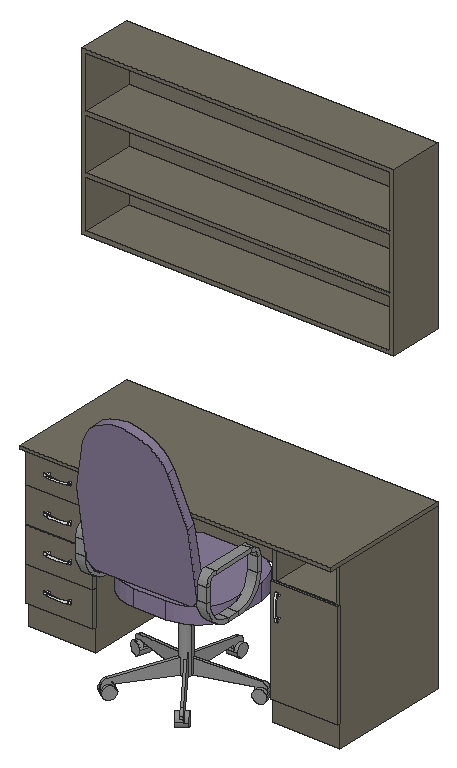
Revit family "Компьютерный стол", category Мебель, Revit 2019
Family settings
  Номер OmniClass = 23.40.20.00
  Заголовок OmniClass = General Furniture and Specialties
  На основе рабочей плоскости = Нет
  Всегда вертикально = Да
  При загрузке вырезать с полостями = Нет
  Общий = Нет
  Точка расчета площади = Нет
Parameters
  Глубина верхних полок [instance] = 250 mm
  Ящики справа и слева [instance] = yes
  Ящики слева [instance] = no
  Ширина ящиков справа [instance] = 300.042 mm
  Ширина ящиков слева [instance] = 300 mm
  Ширина [instance] = 1400 mm
  Ящики справа [instance] = no
  Полочки сверху 3шт [instance] = yes
  Полочки сверху 2шт [instance] = no
  Полочки сверху 1шт [instance] = no
  Материал кресло для комп. стола спинка и сиденье = Материал кресло для комп. стола спинка и сиденье
  Материал компьютерный стол ручки = Материал компьютерный стол ручки
  Материал кресло для комп. стола пластик = Материал кресло для комп. стола пластик
  Материал компьютерный стол корпус = Материал компьютерный стол корпус
  Изготовитель = "Литвинчук Артур"
  Глубина [instance] = 600 mm
  Высота верхних полок [instance] = 250 mm
  Высота от стола к полочкам [instance] = 700 mm
  Высота [instance] = 750 mm
  URL = "lytvynchukartur@gmail.com"
  2 боковых стенки [instance] = no
Reference planes
  plane 1 "По центру (Вперед/Назад)": y = 0
  plane 2: z = 0
  plane 3 "По центру (Влево/Вправо)": x = 0
  plane 4: y = -600
  plane 5: x = 1400
  plane 6: z = 750
  plane 7: z = 735
  plane 8 "По центру Л/Р": x = 300
  plane 9: x = 1099.958
  plane 10: y = -550
  plane 11: y = -565
  plane 12: z = 100
  plane 13: z = 258.75
  plane 14: z = 417.5
  plane 15: z = 576.25
  plane 16: z = 257.75
  plane 17: z = 259.75
  plane 18: z = 416.5
  plane 19: z = 418.5
  plane 20: z = 575.25
  plane 21: z = 577.25
  plane 22: z = 734
  plane 23: x = 1114.958
  plane 24: x = 1385
  plane 25: y = -15
  plane 26: z = 655.625
  plane 27: z = 496.875
  plane 28: z = 338.125
  plane 29: z = 178.875
  plane 30 "По центру Л/С": x = 150
  plane 31 "По центру Л/Т": x = 15
  plane 32: z = 1450
  plane 33: z = 1700
  plane 34: z = 1465
  plane 35: z = 1685
  plane 36: y = -250
  plane 37: y = -5
  plane 38: z = 1950
  plane 39: z = 1935
  plane 40: z = 2200
  plane 41: z = 2185
  plane 42 "По центру Л/Ф": x = 699.979
  plane 43 "По центру Л/Х": x = 850
  plane 44 "По центру Л/Ц": x = 549.979
Forms (mm)
  Extrusion 1, solid, material "Материал компьютерный стол корпус" <- "Материал компьютерный стол корпус"
    sketch origin (0, 0, 0) x (1, 0, 0) y (0, 1, 0)
      loop
        line (0, 0) -> (0, -600) -> (1400, -600) -> (1400, 0) -> (0, 0)
    from 735 to 750
  Extrusion 2, solid, material "Материал компьютерный стол корпус" <- "Материал компьютерный стол корпус", visible <- "Ящики слева"
    sketch origin (0, 0, 0) x (1, 0, 0) y (0, 1, 0)
      loop
        line (0, 0) -> (0, -550) -> (300, -550) -> (300, 0) -> (0, 0)
    from 0 to 735
  Extrusion 3, solid, material "Материал компьютерный стол корпус" <- "Материал компьютерный стол корпус", visible <- "Ящики слева"
    sketch origin (0, 0, 0) x (1, 0, 0) y (0, 0, 1)
      loop
        line (0, 257.75) -> (0, 100) -> (300, 100) -> (300, 257.75) -> (0, 257.75)
    from 550 to 565
  Extrusion 4, solid, material "Материал компьютерный стол корпус" <- "Материал компьютерный стол корпус", visible <- "Ящики слева"
    sketch origin (0, 0, 159.75) x (1, 0, 0) y (0, 0, 1)
      loop
        line (0, 256.75) -> (0, 100) -> (300, 100) -> (300, 256.75) -> (0, 256.75)
    from 550 to 565
  Extrusion 5, solid, material "Материал компьютерный стол корпус" <- "Материал компьютерный стол корпус", visible <- "Ящики слева"
    sketch origin (0, 0, 334.75) x (1, 0, 0) y (0, 0, 1)
      loop
        line (0, 240.5) -> (0, 83.75) -> (300, 83.75) -> (300, 240.5) -> (0, 240.5)
    from 550 to 565
  Extrusion 6, solid, material "Материал компьютерный стол корпус" <- "Материал компьютерный стол корпус", visible <- "Ящики слева"
    sketch origin (0, 0, 494.75) x (1, 0, 0) y (0, 0, 1)
      loop
        line (0, 239.25) -> (0, 82.5) -> (300, 82.5) -> (300, 239.25) -> (0, 239.25)
    from 550 to 565
  Extrusion 7, solid, material "Материал компьютерный стол корпус" <- "Материал компьютерный стол корпус", visible <- "Ящики справа"
    sketch origin (0, 0, 0) x (1, 0, 0) y (0, 0, 1)
      loop
        line (1099.958, 735) -> (1099.958, 0) -> (1400, 0) -> (1400, 735) -> (1385, 735) -> (1385, 576.25) -> (1114.958, 576.25) -> (1114.958, 735) -> (1099.958, 735)
    from 0 to 550
  Extrusion 8, solid, material "Материал компьютерный стол корпус" <- "Материал компьютерный стол корпус", visible <- "Ящики справа"
    sketch origin (1060, 0, 334.75) x (1, 0, 0) y (0, 0, 1)
      loop
        line (39.958, 240.5) -> (39.958, -234.75) -> (340, -234.75) -> (340, 240.5) -> (39.958, 240.5)
    from 550 to 565
  Extrusion 9, solid, material "Материал компьютерный стол корпус" <- "Материал компьютерный стол корпус", visible <- "Ящики слева"
    sketch origin (0, 0, 0) x (1, 0, 0) y (0, 0, 1)
      loop
        line (300, 734) -> (300, 258.75) -> (1385, 258.75) -> (1385, 734) -> (300, 734)
    from 0 to 15
  Extrusion 10, solid, material "Материал компьютерный стол ручки" <- "Материал компьютерный стол ручки", visible <- "Ящики слева", not visible
    sketch origin (295, 155.129, 0) x (1, 0, 0) y (0, 1, 0)
      loop
        line (80.389, -730.129) -> (80.389, -732.129)
        arc (80.389, -732.129) -> (140.389, -742.129) -> (200.389, -732.129) r 185
        line (200.389, -732.129) -> (200.389, -730.129)
        arc (200.389, -730.129) -> (195.411, -731.757) -> (190.389, -733.244) r 185
        line (190.389, -733.244) -> (190.389, -720.129) -> (185.389, -720.129) -> (185.389, -734.572)
        arc (185.389, -734.572) -> (140.389, -740.129) -> (95.389, -734.572) r 185
        line (95.389, -734.572) -> (95.389, -720.129) -> (90.389, -720.129) -> (90.389, -733.244)
        arc (90.389, -733.244) -> (85.367, -731.757) -> (80.389, -730.129) r 185
    from 173.875 to 183.875
  Extrusion 11, solid, material "Материал компьютерный стол ручки" <- "Материал компьютерный стол ручки", visible <- "Ящики слева"
    sketch origin (9.611, 155.129, 159.25) x (1, 0, 0) y (0, 1, 0)
      loop
        line (80.389, -730.129) -> (80.389, -732.129)
        arc (80.389, -732.129) -> (140.389, -742.129) -> (200.389, -732.129) r 185
        line (200.389, -732.129) -> (200.389, -730.129)
        arc (200.389, -730.129) -> (195.411, -731.757) -> (190.389, -733.244) r 185
        line (190.389, -733.244) -> (190.389, -720.129) -> (185.389, -720.129) -> (185.389, -734.572)
        arc (185.389, -734.572) -> (140.389, -740.129) -> (95.389, -734.572) r 185
        line (95.389, -734.572) -> (95.389, -720.129) -> (90.389, -720.129) -> (90.389, -733.244)
        arc (90.389, -733.244) -> (85.367, -731.757) -> (80.389, -730.129) r 185
    from 173.875 to 183.875
  Extrusion 12, solid, material "Материал компьютерный стол ручки" <- "Материал компьютерный стол ручки", visible <- "Ящики слева"
    sketch origin (9.611, 155.129, 0) x (1, 0, 0) y (0, 1, 0)
      loop
        line (80.389, -730.129) -> (80.389, -732.129)
        arc (80.389, -732.129) -> (140.389, -742.129) -> (200.389, -732.129) r 185
        line (200.389, -732.129) -> (200.389, -730.129)
        arc (200.389, -730.129) -> (195.411, -731.757) -> (190.389, -733.244) r 185
        line (190.389, -733.244) -> (190.389, -720.129) -> (185.389, -720.129) -> (185.389, -734.572)
        arc (185.389, -734.572) -> (140.389, -740.129) -> (95.389, -734.572) r 185
        line (95.389, -734.572) -> (95.389, -720.129) -> (90.389, -720.129) -> (90.389, -733.244)
        arc (90.389, -733.244) -> (85.367, -731.757) -> (80.389, -730.129) r 185
    from 173.875 to 183.875
  Extrusion 13, solid, material "Материал компьютерный стол ручки" <- "Материал компьютерный стол ручки", visible <- "Ящики слева"
    sketch origin (9.611, 155.129, 318) x (1, 0, 0) y (0, 1, 0)
      loop
        line (80.389, -730.129) -> (80.389, -732.129)
        arc (80.389, -732.129) -> (140.389, -742.129) -> (200.389, -732.129) r 185
        line (200.389, -732.129) -> (200.389, -730.129)
        arc (200.389, -730.129) -> (195.411, -731.757) -> (190.389, -733.244) r 185
        line (190.389, -733.244) -> (190.389, -720.129) -> (185.389, -720.129) -> (185.389, -734.572)
        arc (185.389, -734.572) -> (140.389, -740.129) -> (95.389, -734.572) r 185
        line (95.389, -734.572) -> (95.389, -720.129) -> (90.389, -720.129) -> (90.389, -733.244)
        arc (90.389, -733.244) -> (85.367, -731.757) -> (80.389, -730.129) r 185
    from 173.875 to 183.875
  Extrusion 14, solid, material "Материал компьютерный стол ручки" <- "Материал компьютерный стол ручки", visible <- "Ящики слева"
    sketch origin (9.611, 155.129, 476.75) x (1, 0, 0) y (0, 1, 0)
      loop
        line (80.389, -730.129) -> (80.389, -732.129)
        arc (80.389, -732.129) -> (140.389, -742.129) -> (200.389, -732.129) r 185
        line (200.389, -732.129) -> (200.389, -730.129)
        arc (200.389, -730.129) -> (195.411, -731.757) -> (190.389, -733.244) r 185
        line (190.389, -733.244) -> (190.389, -720.129) -> (185.389, -720.129) -> (185.389, -734.572)
        arc (185.389, -734.572) -> (140.389, -740.129) -> (95.389, -734.572) r 185
        line (95.389, -734.572) -> (95.389, -720.129) -> (90.389, -720.129) -> (90.389, -733.244)
        arc (90.389, -733.244) -> (85.367, -731.757) -> (80.389, -730.129) r 185
    from 173.875 to 183.875
  Extrusion 15, solid, material "Материал компьютерный стол ручки" <- "Материал компьютерный стол ручки", visible <- "Ящики справа"
    sketch origin (956.083, 155.129, 625.639) x (0, 0, -1) y (0, 1, 0)
      loop
        line (80.389, -730.129) -> (80.389, -732.129)
        arc (80.389, -732.129) -> (140.389, -742.129) -> (200.389, -732.129) r 185
        line (200.389, -732.129) -> (200.389, -730.129)
        arc (200.389, -730.129) -> (195.411, -731.757) -> (190.389, -733.244) r 185
        line (190.389, -733.244) -> (190.389, -720.129) -> (185.389, -720.129) -> (185.389, -734.572)
        arc (185.389, -734.572) -> (140.389, -740.129) -> (95.389, -734.572) r 185
        line (95.389, -734.572) -> (95.389, -720.129) -> (90.389, -720.129) -> (90.389, -733.244)
        arc (90.389, -733.244) -> (85.367, -731.757) -> (80.389, -730.129) r 185
    from 173.875 to 183.875
  Extrusion 16, solid, material "Материал компьютерный стол корпус" <- "Материал компьютерный стол корпус", visible <- "Ящики справа"
    sketch origin (0, 0, 0) x (1, 0, 0) y (0, 0, 1)
      loop
        line (1114.958, 735) -> (1114.958, 576.25) -> (1385, 576.25) -> (1385, 735) -> (1114.958, 735)
    from 0 to 15
  Extrusion 17, solid, material "Материал компьютерный стол корпус" <- "Материал компьютерный стол корпус", visible <- "Ящики слева"
    sketch origin (80, 0, 0) x (1, 0, 0) y (0, 0, 1)
      loop
        line (1305, 0) -> (1320, 0) -> (1320, 735) -> (1305, 735) -> (1305, 0)
    from 0 to 550
  Extrusion 18, solid, material "Материал компьютерный стол корпус" <- "Материал компьютерный стол корпус", visible <- "Ящики справа"
    sketch origin (-1520, 0, 0) x (1, 0, 0) y (0, 0, 1)
      loop
        line (1520, 0) -> (1535, 0) -> (1535, 735) -> (1520, 735) -> (1520, 0)
    from 0 to 550
  Extrusion 19, solid, material "Материал компьютерный стол корпус" <- "Материал компьютерный стол корпус", visible <- "Ящики справа"
    sketch origin (-60, 0, 0) x (1, 0, 0) y (0, 0, 1)
      loop
        line (75, 735) -> (75, 258.75) -> (1159.958, 258.75) -> (1159.958, 735) -> (75, 735)
    from 0 to 15
  Extrusion 20, solid, material "Материал компьютерный стол ручки" <- "Материал компьютерный стол ручки", visible <- "Ящики справа", not visible
    sketch origin (956.083, 155.129, 625.639) x (0, 0, -1) y (0, 1, 0)
      loop
        line (80.389, -730.129) -> (80.389, -732.129)
        arc (80.389, -732.129) -> (140.389, -742.129) -> (200.389, -732.129) r 185
        line (200.389, -732.129) -> (200.389, -730.129)
        arc (200.389, -730.129) -> (195.411, -731.757) -> (190.389, -733.244) r 185
        line (190.389, -733.244) -> (190.389, -720.129) -> (185.389, -720.129) -> (185.389, -734.572)
        arc (185.389, -734.572) -> (140.389, -740.129) -> (95.389, -734.572) r 185
        line (95.389, -734.572) -> (95.389, -720.129) -> (90.389, -720.129) -> (90.389, -733.244)
        arc (90.389, -733.244) -> (85.367, -731.757) -> (80.389, -730.129) r 185
    from 173.875 to 183.875
  Extrusion 21, solid, material "Материал компьютерный стол корпус" <- "Материал компьютерный стол корпус", visible <- "Полочки сверху 1шт"
    sketch origin (0, 0, 0) x (1, 0, 0) y (0, 0, 1)
      loop
        line (15, 1685) -> (15, 1465) -> (1385, 1465) -> (1385, 1685) -> (15, 1685)
      loop
        line (0, 1700) -> (0, 1450) -> (1400, 1450) -> (1400, 1700) -> (0, 1700)
    from 0 to 250
  Extrusion 22, solid, material "Материал компьютерный стол корпус" <- "Материал компьютерный стол корпус", visible <- "Полочки сверху 1шт"
    sketch origin (0, 0, 0) x (1, 0, 0) y (0, 0, 1)
      loop
        line (15, 1685) -> (15, 1465) -> (1385, 1465) -> (1385, 1685) -> (15, 1685)
    from 0 to 5
  Extrusion 23, solid, material "Материал компьютерный стол корпус" <- "Материал компьютерный стол корпус", visible <- "Полочки сверху 2шт"
    sketch origin (1800, 0, 0) x (1, 0, 0) y (0, 0, 1)
      loop
        line (-1785, 1685) -> (-1785, 1465) -> (-415, 1465) -> (-415, 1685) -> (-1785, 1685)
      loop
        line (-1785, 1935) -> (-1785, 1700) -> (-415, 1700) -> (-415, 1935) -> (-1785, 1935)
      loop
        line (-1800, 1950) -> (-1800, 1450) -> (-400, 1450) -> (-400, 1950) -> (-1800, 1950)
    from 0 to 250
  Extrusion 24, solid, material "Материал компьютерный стол корпус" <- "Материал компьютерный стол корпус", visible <- "Полочки сверху 2шт"
    sketch origin (1800, 0, 0) x (1, 0, 0) y (0, 0, 1)
      loop
        line (-1785, 1465) -> (-415, 1465) -> (-415, 1685) -> (-1785, 1685) -> (-1785, 1465)
      loop
        line (-1785, 1700) -> (-415, 1700) -> (-415, 1935) -> (-1785, 1935) -> (-1785, 1700)
    from 0 to 5
  Extrusion 25, solid, material "Материал компьютерный стол корпус" <- "Материал компьютерный стол корпус", visible <- "Полочки сверху 3шт"
    sketch origin (3480, 0, 0) x (1, 0, 0) y (0, 0, 1)
      loop
        line (-3480, 2200) -> (-3480, 1450) -> (-2080, 1450) -> (-2080, 2200) -> (-3480, 2200)
      loop
        line (-3465, 1685) -> (-3465, 1465) -> (-2095, 1465) -> (-2095, 1685) -> (-3465, 1685)
      loop
        line (-3465, 1935) -> (-3465, 1700) -> (-2095, 1700) -> (-2095, 1935) -> (-3465, 1935)
      loop
        line (-3465, 2185) -> (-3465, 1950) -> (-2095, 1950) -> (-2095, 2185) -> (-3465, 2185)
    from 0 to 250
  Extrusion 26, solid, material "Материал компьютерный стол корпус" <- "Материал компьютерный стол корпус", visible <- "Полочки сверху 3шт"
    sketch origin (3480, 0, 0) x (1, 0, 0) y (0, 0, 1)
      loop
        line (-3465, 1465) -> (-2095, 1465) -> (-2095, 1685) -> (-3465, 1685) -> (-3465, 1465)
      loop
        line (-3465, 1700) -> (-2095, 1700) -> (-2095, 1935) -> (-3465, 1935) -> (-3465, 1700)
      loop
        line (-3465, 1950) -> (-2095, 1950) -> (-2095, 2185) -> (-3465, 2185) -> (-3465, 1950)
    from 0 to 5
  Extrusion 27, solid, material "Материал компьютерный стол корпус" <- "Материал компьютерный стол корпус", visible <- "Ящики справа и слева"
    sketch origin (0, 0, 0) x (1, 0, 0) y (0, 1, 0)
      loop
        line (0, 0) -> (0, -550) -> (300, -550) -> (300, 0) -> (0, 0)
    from 0 to 735
  Extrusion 28, solid, material "Материал компьютерный стол корпус" <- "Материал компьютерный стол корпус", visible <- "Ящики справа и слева"
    sketch origin (0, 0, 0) x (1, 0, 0) y (0, 0, 1)
      loop
        line (0, 257.75) -> (0, 100) -> (300, 100) -> (300, 257.75) -> (0, 257.75)
    from 550 to 565
  Extrusion 29, solid, material "Материал компьютерный стол корпус" <- "Материал компьютерный стол корпус", visible <- "Ящики справа и слева"
    sketch origin (0, 0, 159.75) x (1, 0, 0) y (0, 0, 1)
      loop
        line (0, 256.75) -> (0, 100) -> (300, 100) -> (300, 256.75) -> (0, 256.75)
    from 550 to 565
  Extrusion 30, solid, material "Материал компьютерный стол корпус" <- "Материал компьютерный стол корпус", visible <- "Ящики справа и слева"
    sketch origin (0, 0, 334.75) x (1, 0, 0) y (0, 0, 1)
      loop
        line (0, 240.5) -> (0, 83.75) -> (300, 83.75) -> (300, 240.5) -> (0, 240.5)
    from 550 to 565
  Extrusion 31, solid, material "Материал компьютерный стол корпус" <- "Материал компьютерный стол корпус", visible <- "Ящики справа и слева"
    sketch origin (0, 0, 494.75) x (1, 0, 0) y (0, 0, 1)
      loop
        line (0, 239.25) -> (0, 82.5) -> (300, 82.5) -> (300, 239.25) -> (0, 239.25)
    from 550 to 565
  Extrusion 32, solid, material "Материал компьютерный стол корпус" <- "Материал компьютерный стол корпус", visible <- "Ящики справа и слева"
    sketch origin (0, 0, 0) x (1, 0, 0) y (0, 0, 1)
      loop
        line (1099.958, 735) -> (1099.958, 0) -> (1400, 0) -> (1400, 735) -> (1385, 735) -> (1385, 576.25) -> (1114.958, 576.25) -> (1114.958, 735) -> (1099.958, 735)
    from 0 to 550
  Extrusion 33, solid, material "Материал компьютерный стол корпус" <- "Материал компьютерный стол корпус", visible <- "Ящики справа и слева"
    sketch origin (1060, 0, 334.75) x (1, 0, 0) y (0, 0, 1)
      loop
        line (39.958, 240.5) -> (39.958, -234.75) -> (340, -234.75) -> (340, 240.5) -> (39.958, 240.5)
    from 550 to 565
  Extrusion 34, solid, material "Материал компьютерный стол корпус" <- "Материал компьютерный стол корпус", visible <- "Ящики справа и слева"
    sketch origin (0, 0, 0) x (1, 0, 0) y (0, 0, 1)
      loop
        line (300, 734) -> (300, 258.75) -> (1099.958, 258.75) -> (1099.958, 734) -> (300, 734)
    from 0 to 15
  Extrusion 35, solid, material "Материал компьютерный стол ручки" <- "Материал компьютерный стол ручки", visible <- "Ящики справа и слева"
    sketch origin (9.611, 155.129, 476.75) x (1, 0, 0) y (0, 1, 0)
      loop
        line (80.389, -730.129) -> (80.389, -732.129)
        arc (80.389, -732.129) -> (140.389, -742.129) -> (200.389, -732.129) r 185
        line (200.389, -732.129) -> (200.389, -730.129)
        arc (200.389, -730.129) -> (195.411, -731.757) -> (190.389, -733.244) r 185
        line (190.389, -733.244) -> (190.389, -720.129) -> (185.389, -720.129) -> (185.389, -734.572)
        arc (185.389, -734.572) -> (140.389, -740.129) -> (95.389, -734.572) r 185
        line (95.389, -734.572) -> (95.389, -720.129) -> (90.389, -720.129) -> (90.389, -733.244)
        arc (90.389, -733.244) -> (85.367, -731.757) -> (80.389, -730.129) r 185
    from 173.875 to 183.875
  Extrusion 36, solid, material "Материал компьютерный стол ручки" <- "Материал компьютерный стол ручки", visible <- "Ящики справа и слева"
    sketch origin (956.083, 155.129, 625.639) x (0, 0, -1) y (0, 1, 0)
      loop
        line (80.389, -730.129) -> (80.389, -732.129)
        arc (80.389, -732.129) -> (140.389, -742.129) -> (200.389, -732.129) r 185
        line (200.389, -732.129) -> (200.389, -730.129)
        arc (200.389, -730.129) -> (195.411, -731.757) -> (190.389, -733.244) r 185
        line (190.389, -733.244) -> (190.389, -720.129) -> (185.389, -720.129) -> (185.389, -734.572)
        arc (185.389, -734.572) -> (140.389, -740.129) -> (95.389, -734.572) r 185
        line (95.389, -734.572) -> (95.389, -720.129) -> (90.389, -720.129) -> (90.389, -733.244)
        arc (90.389, -733.244) -> (85.367, -731.757) -> (80.389, -730.129) r 185
    from 173.875 to 183.875
  Extrusion 37, solid, material "Материал компьютерный стол корпус" <- "Материал компьютерный стол корпус", visible <- "Ящики справа и слева"
    sketch origin (0, 0, 0) x (1, 0, 0) y (0, 0, 1)
      loop
        line (1114.958, 735) -> (1114.958, 576.25) -> (1385, 576.25) -> (1385, 735) -> (1114.958, 735)
    from 0 to 15
  Extrusion 38, solid, material "Материал компьютерный стол ручки" <- "Материал компьютерный стол ручки", visible <- "Ящики справа и слева", not visible
    sketch origin (2956.083, 155.129, 625.639) x (0, 0, -1) y (0, 1, 0)
      loop
        line (80.389, -730.129) -> (80.389, -732.129)
        arc (80.389, -732.129) -> (140.389, -742.129) -> (200.389, -732.129) r 185
        line (200.389, -732.129) -> (200.389, -730.129)
        arc (200.389, -730.129) -> (195.411, -731.757) -> (190.389, -733.244) r 185
        line (190.389, -733.244) -> (190.389, -720.129) -> (185.389, -720.129) -> (185.389, -734.572)
        arc (185.389, -734.572) -> (140.389, -740.129) -> (95.389, -734.572) r 185
        line (95.389, -734.572) -> (95.389, -720.129) -> (90.389, -720.129) -> (90.389, -733.244)
        arc (90.389, -733.244) -> (85.367, -731.757) -> (80.389, -730.129) r 185
    from 173.875 to 183.875
  Extrusion 39, solid, material "Материал компьютерный стол ручки" <- "Материал компьютерный стол ручки", visible <- "Ящики справа и слева", not visible
    sketch origin (2009.611, 155.129, 476.75) x (1, 0, 0) y (0, 1, 0)
      loop
        line (80.389, -730.129) -> (80.389, -732.129)
        arc (80.389, -732.129) -> (140.389, -742.129) -> (200.389, -732.129) r 185
        line (200.389, -732.129) -> (200.389, -730.129)
        arc (200.389, -730.129) -> (195.411, -731.757) -> (190.389, -733.244) r 185
        line (190.389, -733.244) -> (190.389, -720.129) -> (185.389, -720.129) -> (185.389, -734.572)
        arc (185.389, -734.572) -> (140.389, -740.129) -> (95.389, -734.572) r 185
        line (95.389, -734.572) -> (95.389, -720.129) -> (90.389, -720.129) -> (90.389, -733.244)
        arc (90.389, -733.244) -> (85.367, -731.757) -> (80.389, -730.129) r 185
    from 173.875 to 183.875
  Extrusion 40, solid, material "Материал компьютерный стол ручки" <- "Материал компьютерный стол ручки", visible <- "Ящики справа и слева"
    sketch origin (9.611, 155.129, 318) x (1, 0, 0) y (0, 1, 0)
      loop
        line (80.389, -730.129) -> (80.389, -732.129)
        arc (80.389, -732.129) -> (140.389, -742.129) -> (200.389, -732.129) r 185
        line (200.389, -732.129) -> (200.389, -730.129)
        arc (200.389, -730.129) -> (195.411, -731.757) -> (190.389, -733.244) r 185
        line (190.389, -733.244) -> (190.389, -720.129) -> (185.389, -720.129) -> (185.389, -734.572)
        arc (185.389, -734.572) -> (140.389, -740.129) -> (95.389, -734.572) r 185
        line (95.389, -734.572) -> (95.389, -720.129) -> (90.389, -720.129) -> (90.389, -733.244)
        arc (90.389, -733.244) -> (85.367, -731.757) -> (80.389, -730.129) r 185
    from 173.875 to 183.875
  Extrusion 41, solid, material "Материал компьютерный стол ручки" <- "Материал компьютерный стол ручки", visible <- "Ящики справа и слева"
    sketch origin (9.611, 155.129, 159.25) x (1, 0, 0) y (0, 1, 0)
      loop
        line (80.389, -730.129) -> (80.389, -732.129)
        arc (80.389, -732.129) -> (140.389, -742.129) -> (200.389, -732.129) r 185
        line (200.389, -732.129) -> (200.389, -730.129)
        arc (200.389, -730.129) -> (195.411, -731.757) -> (190.389, -733.244) r 185
        line (190.389, -733.244) -> (190.389, -720.129) -> (185.389, -720.129) -> (185.389, -734.572)
        arc (185.389, -734.572) -> (140.389, -740.129) -> (95.389, -734.572) r 185
        line (95.389, -734.572) -> (95.389, -720.129) -> (90.389, -720.129) -> (90.389, -733.244)
        arc (90.389, -733.244) -> (85.367, -731.757) -> (80.389, -730.129) r 185
    from 173.875 to 183.875
  Extrusion 42, solid, material "Материал компьютерный стол ручки" <- "Материал компьютерный стол ручки", visible <- "Ящики справа и слева"
    sketch origin (9.611, 155.129, 0) x (1, 0, 0) y (0, 1, 0)
      loop
        line (80.389, -730.129) -> (80.389, -732.129)
        arc (80.389, -732.129) -> (140.389, -742.129) -> (200.389, -732.129) r 185
        line (200.389, -732.129) -> (200.389, -730.129)
        arc (200.389, -730.129) -> (195.411, -731.757) -> (190.389, -733.244) r 185
        line (190.389, -733.244) -> (190.389, -720.129) -> (185.389, -720.129) -> (185.389, -734.572)
        arc (185.389, -734.572) -> (140.389, -740.129) -> (95.389, -734.572) r 185
        line (95.389, -734.572) -> (95.389, -720.129) -> (90.389, -720.129) -> (90.389, -733.244)
        arc (90.389, -733.244) -> (85.367, -731.757) -> (80.389, -730.129) r 185
    from 173.875 to 183.875
  Extrusion 43, solid, material "Материал компьютерный стол корпус" <- "Материал компьютерный стол корпус", visible <- "2 боковых стенки"
    sketch origin (0, 0, 0) x (1, 0, 0) y (0, 1, 0)
      loop
        line (0, 0) -> (0, -550) -> (15, -550) -> (15, 0) -> (0, 0)
    from 0 to 735
  Extrusion 44, solid, material "Материал компьютерный стол корпус" <- "Материал компьютерный стол корпус", visible <- "2 боковых стенки"
    sketch origin (1600, 0, 0) x (1, 0, 0) y (0, 1, 0)
      loop
        line (-215, 0) -> (-215, -550) -> (-200, -550) -> (-200, 0) -> (-215, 0)
    from 0 to 735
Dimensions and locks
  "Ширина": plane 3 "По центру (Влево/Вправо)" to plane 5
  "Глубина": plane 4 to plane 1 "По центру (Вперед/Назад)"
  "Высота": plane 6 to level
  locked: plane 6 to plane 7 at 15
  "Ширина ящиков слева": plane 3 "По центру (Влево/Вправо)" to plane 8 "По центру Л/Р"
  "Ширина ящиков справа": plane 9 to plane 5
  plane 10 to plane 11 to plane 4 = 15 mm locked, 35 mm locked
  locked: plane 12 to plane 2 at 100
  equal spacing: plane 7, plane 15, plane 14, plane 13, plane 12
  plane 17 to plane 13 to plane 16 = 1 mm locked, 1 mm locked
  plane 19 to plane 14 to plane 18 = 1 mm locked, 1 mm locked
  plane 21 to plane 15 to plane 20 = 1 mm locked, 1 mm locked
  locked: plane 7 to plane 22 at 1
  locked: plane 1 "По центру (Вперед/Назад)" to plane 25 at 15
  equal spacing: plane 22, plane 26, plane 21
  equal spacing: plane 20, plane 27, plane 19
  equal spacing: plane 18, plane 28, plane 17
  equal spacing: plane 16, plane 29, plane 12
  equal spacing: plane 8 "По центру Л/Р", plane 30 "По центру Л/С", plane 3 "По центру (Влево/Вправо)"
  locked: plane 24 to plane 5 at 15
  locked: plane 9 to plane 23 at 15
  locked: Extrusion 15 to plane 9 at 30
  locked: plane 15 to Extrusion 15 at 31
  locked: Extrusion 14 to plane 26 at 5
  locked: Extrusion 13 to plane 27 at 5
  locked: Extrusion 11 to plane 28 at 5
  locked: Extrusion 12 to plane 29 at 5
  locked: Extrusion 12 to plane 30 "По центру Л/С" at 60
  locked: Extrusion 11 to plane 30 "По центру Л/С" at 60
  locked: Extrusion 13 to plane 30 "По центру Л/С" at 60
  locked: Extrusion 14 to plane 30 "По центру Л/С" at 60
  locked: plane 3 "По центру (Влево/Вправо)" to plane 31 "По центру Л/Т" at 15
  "Высота от стола к полочкам": plane 32 to plane 6
  "Высота верхних полок": plane 33 to plane 32
  locked: plane 34 to plane 32 at 15
  locked: plane 33 to plane 35 at 15
  "Глубина верхних полок": plane 36 to plane 1 "По центру (Вперед/Назад)"
  locked: plane 1 "По центру (Вперед/Назад)" to plane 37 at 5
  locked: plane 38 to plane 39 at 15
  "Высота верхних полок": plane 38 to plane 33
  locked: plane 40 to plane 41 at 15
  "Высота верхних полок": plane 40 to plane 38
  plane 3 "По центру (Влево/Вправо)" to plane 5 = 1400 mm
  locked: Extrusion 36 to Extrusion 32 at 30
  locked: plane 15 to Extrusion 36 at 31
  locked: Extrusion 40 to plane 27 at 5
  locked: Extrusion 35 to plane 26 at 5
  locked: Extrusion 41 to plane 28 at 5
  locked: Extrusion 42 to plane 29 at 5
  locked: Extrusion 42 to plane 30 "По центру Л/С" at 60
  locked: Extrusion 41 to plane 30 "По центру Л/С" at 60
  locked: Extrusion 40 to plane 30 "По центру Л/С" at 60
  locked: Extrusion 35 to plane 30 "По центру Л/С" at 60
  equal spacing: plane 8 "По центру Л/Р", plane 42 "По центру Л/Ф", plane 9
  locked: plane 42 "По центру Л/Ф" to nested 1 at 294.471
  locked: nested 1 to plane 4 at 322.95
  equal spacing: plane 8 "По центру Л/Р", plane 43 "По центру Л/Х", plane 5
  locked: plane 43 "По центру Л/Х" to nested 2 at 294.45
  locked: nested 2 to plane 4 at 322.95
  equal spacing: plane 3 "По центру (Влево/Вправо)", plane 44 "По центру Л/Ц", plane 9
  locked: nested 3 to plane 44 "По центру Л/Ц" at 294.45
  locked: nested 3 to plane 4 at 322.95
  locked: plane 42 "По центру Л/Ф" to nested 4 at 250
  locked: nested 4 to plane 4 at 322.95
  aligned and locked: level to plane 2
  aligned and locked: Extrusion 1 to plane 3 "По центру (Влево/Вправо)"
  aligned and locked: plane 5 to Extrusion 1
  aligned and locked: Extrusion 1 to plane 4
  aligned and locked: Extrusion 1 to plane 1 "По центру (Вперед/Назад)"
  aligned and locked: plane 6 to Extrusion 1
  aligned and locked: Extrusion 1 to plane 7
  aligned and locked: Extrusion 2 to plane 3 "По центру (Влево/Вправо)"
  aligned and locked: Extrusion 2 to plane 1 "По центру (Вперед/Назад)"
  aligned and locked: plane 8 "По центру Л/Р" to Extrusion 2
  aligned and locked: Extrusion 2 to plane 10
  aligned and locked: plane 7 to Extrusion 2
  aligned and locked: Extrusion 3 to plane 3 "По центру (Влево/Вправо)"
  aligned and locked: plane 8 "По центру Л/Р" to Extrusion 3
  aligned and locked: Extrusion 3 to plane 12
  aligned and locked: plane 16 to Extrusion 3
  aligned and locked: Extrusion 3 to plane 11
  aligned and locked: plane 10 to Extrusion 3
  aligned and locked: Extrusion 4 to plane 3 "По центру (Влево/Вправо)"
  aligned and locked: plane 8 "По центру Л/Р" to Extrusion 4
  aligned and locked: Extrusion 4 to plane 17
  aligned and locked: plane 18 to Extrusion 4
  aligned and locked: plane 8 "По центру Л/Р" to Extrusion 5
  aligned and locked: Extrusion 5 to plane 3 "По центру (Влево/Вправо)"
  aligned and locked: Extrusion 5 to plane 19
  aligned and locked: plane 20 to Extrusion 5
  aligned and locked: plane 8 "По центру Л/Р" to Extrusion 6
  aligned and locked: Extrusion 6 to plane 3 "По центру (Влево/Вправо)"
  aligned and locked: plane 22 to Extrusion 6
  aligned and locked: Extrusion 6 to plane 21
  aligned and locked: Extrusion 7 to plane 2
  aligned and locked: Extrusion 7 to plane 9
  aligned and locked: plane 23 to Extrusion 7
  aligned and locked: Extrusion 7 to plane 24
  aligned and locked: plane 5 to Extrusion 7
  aligned and locked: plane 15 to Extrusion 7
  aligned and locked: plane 7 to Extrusion 7  (x2)
  aligned and locked: Extrusion 7 to plane 1 "По центру (Вперед/Назад)"
  aligned and locked: Extrusion 7 to plane 10
  aligned and locked: plane 5 to Extrusion 8
  aligned and locked: Extrusion 8 to plane 9
  aligned and locked: Extrusion 8 to plane 12
  aligned and locked: plane 20 to Extrusion 8
  aligned and locked: Extrusion 9 to plane 8 "По центру Л/Р"
  aligned and locked: plane 22 to Extrusion 9
  aligned and locked: Extrusion 9 to plane 13
  aligned and locked: Extrusion 9 to plane 1 "По центру (Вперед/Назад)"
  aligned and locked: Extrusion 9 to plane 25
  aligned and locked: plane 10 to Extrusion 8
  aligned and locked: Extrusion 8 to plane 11
  aligned and locked: plane 10 to Extrusion 6
  aligned and locked: plane 10 to Extrusion 5
  aligned and locked: plane 10 to Extrusion 4
  aligned and locked: Extrusion 6 to plane 11
  aligned and locked: Extrusion 5 to plane 11
  aligned and locked: Extrusion 4 to plane 11
  aligned and locked: plane 11 to Extrusion 15
  aligned and locked: plane 11 to Extrusion 14
  aligned and locked: plane 11 to Extrusion 13
  aligned and locked: plane 11 to Extrusion 11
  aligned and locked: plane 11 to Extrusion 12
  aligned and locked: plane 7 to Extrusion 16
  aligned and locked: plane 24 to Extrusion 16
  aligned and locked: Extrusion 16 to plane 23
  aligned and locked: Extrusion 16 to plane 15
  aligned and locked: Extrusion 16 to plane 1 "По центру (Вперед/Назад)"
  aligned and locked: Extrusion 16 to plane 25
  aligned and locked: Extrusion 17 to plane 24
  aligned and locked: plane 2 to Extrusion 17
  aligned and locked: plane 5 to Extrusion 17
  aligned and locked: plane 24 to Extrusion 9
  aligned and locked: Extrusion 17 to plane 1 "По центру (Вперед/Назад)"
  aligned and locked: Extrusion 17 to plane 10
  aligned and locked: Extrusion 18 to plane 10
  aligned and locked: Extrusion 18 to plane 1 "По центру (Вперед/Назад)"
  aligned and locked: plane 31 "По центру Л/Т" to Extrusion 18
  aligned and locked: Extrusion 18 to plane 3 "По центру (Влево/Вправо)"
  aligned and locked: Extrusion 18 to plane 2
  aligned and locked: plane 7 to Extrusion 18
  aligned and locked: Extrusion 19 to plane 1 "По центру (Вперед/Назад)"
  aligned and locked: Extrusion 19 to plane 25
  aligned and locked: plane 9 to Extrusion 19
  aligned and locked: plane 7 to Extrusion 19
  aligned and locked: Extrusion 19 to plane 13
  aligned and locked: Extrusion 19 to plane 31 "По центру Л/Т"
  aligned and locked: Extrusion 21 to plane 3 "По центру (Влево/Вправо)"
  aligned and locked: plane 31 "По центру Л/Т" to Extrusion 21
  aligned and locked: plane 33 to Extrusion 21
  aligned and locked: Extrusion 21 to plane 35
  aligned and locked: plane 5 to Extrusion 21
  aligned and locked: Extrusion 21 to plane 24
  aligned and locked: plane 34 to Extrusion 21
  aligned and locked: Extrusion 21 to plane 32
  aligned and locked: Extrusion 21 to plane 1 "По центру (Вперед/Назад)"
  aligned and locked: Extrusion 21 to plane 36
  aligned and locked: Extrusion 22 to plane 31 "По центру Л/Т"
  aligned and locked: plane 35 to Extrusion 22
  aligned and locked: plane 24 to Extrusion 22
  aligned and locked: Extrusion 22 to plane 34
  aligned and locked: Extrusion 22 to plane 1 "По центру (Вперед/Назад)"
  aligned and locked: Extrusion 22 to plane 37
  aligned and locked: plane 3 "По центру (Влево/Вправо)" to Extrusion 23 sketch curve
  aligned and locked: Extrusion 23 sketch curve to plane 5
  aligned and locked: Extrusion 23 sketch curve to plane 38
  aligned and locked: plane 32 to Extrusion 23 sketch curve
  aligned and locked: Extrusion 23 sketch curve to plane 24  (x2)
  aligned and locked: Extrusion 23 sketch curve to plane 39
  aligned and locked: plane 33 to Extrusion 23 sketch curve
  aligned and locked: Extrusion 23 sketch curve to plane 35
  aligned and locked: plane 34 to Extrusion 23 sketch curve
  aligned and locked: plane 31 "По центру Л/Т" to Extrusion 23 sketch curve  (x2)
  aligned and locked: Extrusion 24 sketch curve to plane 31 "По центру Л/Т"  (x2)
  aligned and locked: Extrusion 24 sketch curve to plane 34
  aligned and locked: plane 35 to Extrusion 24 sketch curve
  aligned and locked: Extrusion 24 sketch curve to plane 33
  aligned and locked: plane 39 to Extrusion 24 sketch curve
  aligned and locked: plane 24 to Extrusion 24 sketch curve  (x2)
  aligned and locked: Extrusion 23 to plane 36
  aligned and locked: Extrusion 23 to plane 1 "По центру (Вперед/Назад)"
  aligned and locked: Extrusion 24 to plane 37
  aligned and locked: Extrusion 24 to plane 1 "По центру (Вперед/Назад)"
  aligned and locked: plane 3 "По центру (Влево/Вправо)" to Extrusion 25 sketch curve
  aligned and locked: Extrusion 25 sketch curve to plane 5
  aligned and locked: Extrusion 25 sketch curve to plane 40
  aligned and locked: plane 32 to Extrusion 25 sketch curve
  aligned and locked: Extrusion 25 sketch curve to plane 24  (x3)
  aligned and locked: Extrusion 25 sketch curve to plane 41
  aligned and locked: plane 38 to Extrusion 25 sketch curve
  aligned and locked: Extrusion 25 sketch curve to plane 39
  aligned and locked: plane 33 to Extrusion 25 sketch curve
  aligned and locked: Extrusion 25 sketch curve to plane 35
  aligned and locked: plane 34 to Extrusion 25 sketch curve
  aligned and locked: plane 31 "По центру Л/Т" to Extrusion 25 sketch curve  (x3)
  aligned and locked: Extrusion 25 to plane 1 "По центру (Вперед/Назад)"
  aligned and locked: Extrusion 25 to plane 36
  aligned and locked: Extrusion 26 sketch curve to plane 31 "По центру Л/Т"  (x3)
  aligned and locked: plane 24 to Extrusion 26 sketch curve  (x3)
  aligned and locked: plane 41 to Extrusion 26 sketch curve
  aligned and locked: Extrusion 26 sketch curve to plane 38
  aligned and locked: plane 39 to Extrusion 26 sketch curve
  aligned and locked: Extrusion 26 sketch curve to plane 33
  aligned and locked: plane 35 to Extrusion 26 sketch curve
  aligned and locked: Extrusion 26 sketch curve to plane 34
  aligned and locked: plane 8 "По центру Л/Р" to Extrusion 27
  aligned and locked: Extrusion 27 to plane 3 "По центру (Влево/Вправо)"
  aligned and locked: Extrusion 27 to plane 1 "По центру (Вперед/Назад)"
  aligned and locked: Extrusion 27 to plane 10
  aligned and locked: Extrusion 32 to plane 1 "По центру (Вперед/Назад)"
  aligned and locked: Extrusion 32 to plane 10
  aligned and locked: Extrusion 32 to plane 9
  aligned and locked: plane 23 to Extrusion 32
  aligned and locked: Extrusion 32 to plane 24
  aligned and locked: plane 5 to Extrusion 32
  aligned and locked: plane 7 to Extrusion 27
  aligned and locked: Extrusion 27 to plane 2
  aligned and locked: plane 7 to Extrusion 32  (x2)
  aligned and locked: plane 15 to Extrusion 32
  aligned and locked: Extrusion 32 to plane 2
  aligned and locked: plane 20 to Extrusion 33
  aligned and locked: Extrusion 33 to plane 12
  aligned and locked: plane 5 to Extrusion 33
  aligned and locked: Extrusion 33 to plane 9
  aligned and locked: plane 10 to Extrusion 33
  aligned and locked: Extrusion 33 to plane 11
  aligned and locked: plane 11 to Extrusion 36
  aligned and locked: plane 10 to Extrusion 31
  aligned and locked: plane 10 to Extrusion 30
  aligned and locked: plane 10 to Extrusion 29
  aligned and locked: plane 10 to Extrusion 28
  aligned and locked: Extrusion 31 to plane 11
  aligned and locked: Extrusion 30 to plane 11
  aligned and locked: Extrusion 29 to plane 11
  aligned and locked: Extrusion 28 to plane 11
  aligned and locked: plane 11 to Extrusion 35
  aligned and locked: plane 11 to Extrusion 40
  aligned and locked: plane 11 to Extrusion 41
  aligned and locked: plane 11 to Extrusion 42
  aligned and locked: Extrusion 43 to plane 1 "По центру (Вперед/Назад)"
  aligned and locked: Extrusion 43 to plane 10
  aligned and locked: Extrusion 44 to plane 1 "По центру (Вперед/Назад)"
  aligned and locked: Extrusion 44 to plane 10
  aligned and locked: plane 31 "По центру Л/Т" to Extrusion 43
  aligned and locked: Extrusion 43 to plane 3 "По центру (Влево/Вправо)"
  aligned and locked: Extrusion 44 to plane 24
  aligned and locked: plane 5 to Extrusion 44
  aligned and locked: plane 7 to Extrusion 43
  aligned and locked: plane 7 to Extrusion 44
Automatic sketch dimensions
  Extrusion 10 sketch curve to Extrusion 10 sketch curve = 0 mm  (x19)
  Extrusion 10 sketch curve to Extrusion 10 sketch curve = 10 mm  (x6)
  Extrusion 10 sketch curve to Extrusion 10 sketch curve = 5 mm  (x4)
  Extrusion 10 sketch curve to Extrusion 10 sketch curve = 90 mm  (x2)
  Extrusion 10 sketch curve to Extrusion 10 sketch curve = 2 mm  (x4)
  Extrusion 10 sketch curve to Extrusion 10 sketch curve = 1.328 mm  (x3)
  Extrusion 10 sketch curve to Extrusion 10 sketch curve = 45 mm  (x2)
  Extrusion 10 sketch curve to Extrusion 10 sketch curve = 1.115 mm  (x2)
  Extrusion 11 sketch curve to Extrusion 11 sketch curve = 0 mm  (x7)
  Extrusion 11 sketch curve to Extrusion 11 sketch curve = 10 mm  (x2)
  Extrusion 11 sketch curve to Extrusion 11 sketch curve = 5 mm  (x2)
  Extrusion 11 sketch curve to Extrusion 11 sketch curve = 45 mm
  Extrusion 11 sketch curve to Extrusion 11 sketch curve = 90 mm
  Extrusion 11 sketch curve to Extrusion 11 sketch curve = 1.328 mm  (x2)
  Extrusion 11 sketch curve to Extrusion 11 sketch curve = 1.115 mm
  Extrusion 11 sketch curve to Extrusion 11 sketch curve = 2 mm  (x2)
  Extrusion 11 sketch curve to Extrusion 11 sketch curve = 13.115 mm  (x2)
  Extrusion 12 sketch curve to Extrusion 12 sketch curve = 0 mm  (x7)
  Extrusion 12 sketch curve to Extrusion 12 sketch curve = 10 mm  (x2)
  Extrusion 12 sketch curve to Extrusion 12 sketch curve = 5 mm  (x2)
  Extrusion 12 sketch curve to Extrusion 12 sketch curve = 45 mm
  Extrusion 12 sketch curve to Extrusion 12 sketch curve = 90 mm
  Extrusion 12 sketch curve to Extrusion 12 sketch curve = 1.328 mm  (x2)
  Extrusion 12 sketch curve to Extrusion 12 sketch curve = 1.115 mm
  Extrusion 12 sketch curve to Extrusion 12 sketch curve = 2 mm  (x2)
  Extrusion 12 sketch curve to Extrusion 12 sketch curve = 13.115 mm  (x2)
  Extrusion 13 sketch curve to Extrusion 13 sketch curve = 0 mm  (x7)
  Extrusion 13 sketch curve to Extrusion 13 sketch curve = 10 mm  (x2)
  Extrusion 13 sketch curve to Extrusion 13 sketch curve = 5 mm  (x2)
  Extrusion 13 sketch curve to Extrusion 13 sketch curve = 45 mm
  Extrusion 13 sketch curve to Extrusion 13 sketch curve = 90 mm
  Extrusion 13 sketch curve to Extrusion 13 sketch curve = 1.328 mm  (x2)
  Extrusion 13 sketch curve to Extrusion 13 sketch curve = 1.115 mm
  Extrusion 13 sketch curve to Extrusion 13 sketch curve = 2 mm  (x2)
  Extrusion 13 sketch curve to Extrusion 13 sketch curve = 13.115 mm  (x2)
  Extrusion 14 sketch curve to Extrusion 14 sketch curve = 0 mm  (x7)
  Extrusion 14 sketch curve to Extrusion 14 sketch curve = 10 mm  (x2)
  Extrusion 14 sketch curve to Extrusion 14 sketch curve = 5 mm  (x2)
  Extrusion 14 sketch curve to Extrusion 14 sketch curve = 45 mm
  Extrusion 14 sketch curve to Extrusion 14 sketch curve = 90 mm
  Extrusion 14 sketch curve to Extrusion 14 sketch curve = 1.328 mm  (x2)
  Extrusion 14 sketch curve to Extrusion 14 sketch curve = 1.115 mm
  Extrusion 14 sketch curve to Extrusion 14 sketch curve = 2 mm  (x2)
  Extrusion 14 sketch curve to Extrusion 14 sketch curve = 13.115 mm  (x2)
  Extrusion 15 sketch curve to Extrusion 15 sketch curve = 0 mm  (x11)
  Extrusion 15 sketch curve to Extrusion 15 sketch curve = 10 mm  (x2)
  Extrusion 15 sketch curve to Extrusion 15 sketch curve = 5 mm  (x2)
  Extrusion 15 sketch curve to Extrusion 15 sketch curve = 45 mm
  Extrusion 15 sketch curve to Extrusion 15 sketch curve = 90 mm
  Extrusion 15 sketch curve to Extrusion 15 sketch curve = 1.328 mm  (x2)
  Extrusion 15 sketch curve to Extrusion 15 sketch curve = 1.115 mm
  Extrusion 15 sketch curve to Extrusion 15 sketch curve = 2 mm  (x2)
  Extrusion 15 sketch curve to Extrusion 15 sketch curve = 13.115 mm  (x2)
  Extrusion 10 sketch curve to Extrusion 10 sketch curve = 13.115 mm  (x2)
  Extrusion 20 sketch curve to Extrusion 20 sketch curve = 0 mm  (x11)
  Extrusion 20 sketch curve to Extrusion 20 sketch curve = 10 mm  (x2)
  Extrusion 20 sketch curve to Extrusion 20 sketch curve = 5 mm  (x2)
  Extrusion 20 sketch curve to Extrusion 20 sketch curve = 45 mm
  Extrusion 20 sketch curve to Extrusion 20 sketch curve = 90 mm
  Extrusion 20 sketch curve to Extrusion 20 sketch curve = 1.328 mm  (x2)
  Extrusion 20 sketch curve to Extrusion 20 sketch curve = 1.115 mm
  Extrusion 20 sketch curve to Extrusion 20 sketch curve = 2 mm  (x2)
  Extrusion 20 sketch curve to Extrusion 20 sketch curve = 13.115 mm  (x2)
  Extrusion 35 sketch curve to Extrusion 35 sketch curve = 0 mm  (x11)
  Extrusion 35 sketch curve to Extrusion 35 sketch curve = 10 mm  (x2)
  Extrusion 35 sketch curve to Extrusion 35 sketch curve = 5 mm  (x2)
  Extrusion 35 sketch curve to Extrusion 35 sketch curve = 45 mm
  Extrusion 35 sketch curve to Extrusion 35 sketch curve = 90 mm
  Extrusion 35 sketch curve to Extrusion 35 sketch curve = 1.328 mm  (x2)
  Extrusion 35 sketch curve to Extrusion 35 sketch curve = 1.115 mm
  Extrusion 35 sketch curve to Extrusion 35 sketch curve = 2 mm  (x2)
  Extrusion 35 sketch curve to Extrusion 35 sketch curve = 13.115 mm  (x2)
  Extrusion 36 sketch curve to Extrusion 36 sketch curve = 0 mm  (x11)
  Extrusion 36 sketch curve to Extrusion 36 sketch curve = 10 mm  (x2)
  Extrusion 36 sketch curve to Extrusion 36 sketch curve = 5 mm  (x2)
  Extrusion 36 sketch curve to Extrusion 36 sketch curve = 45 mm
  Extrusion 36 sketch curve to Extrusion 36 sketch curve = 90 mm
  Extrusion 36 sketch curve to Extrusion 36 sketch curve = 1.328 mm  (x2)
  Extrusion 36 sketch curve to Extrusion 36 sketch curve = 1.115 mm
  Extrusion 36 sketch curve to Extrusion 36 sketch curve = 2 mm  (x2)
  Extrusion 36 sketch curve to Extrusion 36 sketch curve = 13.115 mm  (x2)
  Extrusion 38 sketch curve to Extrusion 38 sketch curve = 0 mm  (x11)
  Extrusion 38 sketch curve to Extrusion 38 sketch curve = 10 mm  (x2)
  Extrusion 38 sketch curve to Extrusion 38 sketch curve = 5 mm  (x2)
  Extrusion 38 sketch curve to Extrusion 38 sketch curve = 45 mm
  Extrusion 38 sketch curve to Extrusion 38 sketch curve = 90 mm
  Extrusion 38 sketch curve to Extrusion 38 sketch curve = 1.328 mm  (x2)
  Extrusion 38 sketch curve to Extrusion 38 sketch curve = 1.115 mm
  Extrusion 38 sketch curve to Extrusion 38 sketch curve = 2 mm  (x2)
  Extrusion 38 sketch curve to Extrusion 38 sketch curve = 13.115 mm  (x2)
  Extrusion 39 sketch curve to Extrusion 39 sketch curve = 0 mm  (x11)
  Extrusion 39 sketch curve to Extrusion 39 sketch curve = 10 mm  (x2)
  Extrusion 39 sketch curve to Extrusion 39 sketch curve = 5 mm  (x2)
  Extrusion 39 sketch curve to Extrusion 39 sketch curve = 45 mm
  Extrusion 39 sketch curve to Extrusion 39 sketch curve = 90 mm
  Extrusion 39 sketch curve to Extrusion 39 sketch curve = 1.328 mm  (x2)
  Extrusion 39 sketch curve to Extrusion 39 sketch curve = 1.115 mm
  Extrusion 39 sketch curve to Extrusion 39 sketch curve = 2 mm  (x2)
  Extrusion 39 sketch curve to Extrusion 39 sketch curve = 13.115 mm  (x2)
  Extrusion 40 sketch curve to Extrusion 40 sketch curve = 0 mm  (x11)
  Extrusion 40 sketch curve to Extrusion 40 sketch curve = 10 mm  (x2)
  Extrusion 40 sketch curve to Extrusion 40 sketch curve = 5 mm  (x2)
  Extrusion 40 sketch curve to Extrusion 40 sketch curve = 45 mm
  Extrusion 40 sketch curve to Extrusion 40 sketch curve = 90 mm
  Extrusion 40 sketch curve to Extrusion 40 sketch curve = 1.328 mm  (x2)
  Extrusion 40 sketch curve to Extrusion 40 sketch curve = 1.115 mm
  Extrusion 40 sketch curve to Extrusion 40 sketch curve = 2 mm  (x2)
  Extrusion 40 sketch curve to Extrusion 40 sketch curve = 13.115 mm  (x2)
  Extrusion 41 sketch curve to Extrusion 41 sketch curve = 0 mm  (x11)
  Extrusion 41 sketch curve to Extrusion 41 sketch curve = 10 mm  (x2)
  Extrusion 41 sketch curve to Extrusion 41 sketch curve = 5 mm  (x2)
  Extrusion 41 sketch curve to Extrusion 41 sketch curve = 45 mm
  Extrusion 41 sketch curve to Extrusion 41 sketch curve = 90 mm
  Extrusion 41 sketch curve to Extrusion 41 sketch curve = 1.328 mm  (x2)
  Extrusion 41 sketch curve to Extrusion 41 sketch curve = 1.115 mm
  Extrusion 41 sketch curve to Extrusion 41 sketch curve = 2 mm  (x2)
  Extrusion 41 sketch curve to Extrusion 41 sketch curve = 13.115 mm  (x2)
  Extrusion 42 sketch curve to Extrusion 42 sketch curve = 0 mm  (x11)
  Extrusion 42 sketch curve to Extrusion 42 sketch curve = 10 mm  (x2)
  Extrusion 42 sketch curve to Extrusion 42 sketch curve = 5 mm  (x2)
  Extrusion 42 sketch curve to Extrusion 42 sketch curve = 45 mm
  Extrusion 42 sketch curve to Extrusion 42 sketch curve = 90 mm
  Extrusion 42 sketch curve to Extrusion 42 sketch curve = 1.328 mm  (x2)
  Extrusion 42 sketch curve to Extrusion 42 sketch curve = 1.115 mm
  Extrusion 42 sketch curve to Extrusion 42 sketch curve = 2 mm  (x2)
  Extrusion 42 sketch curve to Extrusion 42 sketch curve = 13.115 mm  (x2)
  Extrusion 1 sketch curve to plane 3 "По центру (Влево/Вправо)" = 0 mm
  Extrusion 1 sketch curve to plane 4 = 0 mm
  Extrusion 1 sketch curve to plane 5 = 0 mm
  plane 1 "По центру (Вперед/Назад)" to Extrusion 1 sketch curve = 0 mm
  Extrusion 2 sketch curve to plane 3 "По центру (Влево/Вправо)" = 0 mm
  Extrusion 2 sketch curve to plane 8 "По центру Л/Р" = 0 mm
  Extrusion 2 sketch curve to plane 10 = 0 mm
  plane 1 "По центру (Вперед/Назад)" to Extrusion 2 sketch curve = 0 mm
  Extrusion 3 sketch curve to plane 3 "По центру (Влево/Вправо)" = 0 mm
  Extrusion 3 sketch curve to plane 8 "По центру Л/Р" = 0 mm
  Extrusion 3 sketch curve to plane 12 = 0 mm
  Extrusion 3 sketch curve to plane 16 = 0 mm
  Extrusion 4 sketch curve to plane 3 "По центру (Влево/Вправо)" = 0 mm
  Extrusion 4 sketch curve to plane 8 "По центру Л/Р" = 0 mm
  Extrusion 4 sketch curve to plane 17 = 0 mm
  Extrusion 4 sketch curve to plane 18 = 0 mm
  Extrusion 5 sketch curve to plane 3 "По центру (Влево/Вправо)" = 0 mm
  Extrusion 5 sketch curve to plane 8 "По центру Л/Р" = 0 mm
  Extrusion 5 sketch curve to plane 19 = 0 mm
  Extrusion 5 sketch curve to plane 20 = 0 mm
  Extrusion 6 sketch curve to plane 3 "По центру (Влево/Вправо)" = 0 mm
  Extrusion 6 sketch curve to plane 8 "По центру Л/Р" = 0 mm
  Extrusion 6 sketch curve to plane 21 = 0 mm
  Extrusion 6 sketch curve to plane 22 = 0 mm
  Extrusion 7 sketch curve to plane 7 = 0 mm  (x2)
  Extrusion 7 sketch curve to plane 9 = 0 mm
  Extrusion 7 sketch curve to plane 23 = 0 mm
  Extrusion 7 sketch curve to plane 24 = 0 mm
  Extrusion 7 sketch curve to level = 0 mm
  Extrusion 7 sketch curve to plane 5 = 0 mm
  Extrusion 7 sketch curve to plane 15 = 0 mm
  Extrusion 8 sketch curve to plane 9 = 0 mm
  Extrusion 8 sketch curve to plane 5 = 0 mm
  Extrusion 8 sketch curve to plane 12 = 0 mm
  Extrusion 8 sketch curve to plane 20 = 0 mm
  Extrusion 9 sketch curve to plane 8 "По центру Л/Р" = 0 mm
  Extrusion 9 sketch curve to plane 13 = 0 mm
  Extrusion 9 sketch curve to plane 24 = 0 mm
  Extrusion 9 sketch curve to plane 22 = 0 mm
  Extrusion 16 sketch curve to plane 15 = 0 mm
  Extrusion 16 sketch curve to plane 23 = 0 mm
  Extrusion 16 sketch curve to plane 24 = 0 mm
  Extrusion 16 sketch curve to plane 7 = 0 mm
  Extrusion 17 sketch curve to plane 7 = 0 mm
  Extrusion 17 sketch curve to plane 24 = 0 mm
  Extrusion 17 sketch curve to level = 0 mm
  Extrusion 17 sketch curve to plane 5 = 0 mm
  Extrusion 18 sketch curve to plane 3 "По центру (Влево/Вправо)" = 0 mm
  Extrusion 18 sketch curve to level = 0 mm
  Extrusion 18 sketch curve to plane 31 "По центру Л/Т" = 0 mm
  Extrusion 18 sketch curve to plane 7 = 0 mm
  Extrusion 19 sketch curve to plane 13 = 0 mm
  Extrusion 19 sketch curve to plane 31 "По центру Л/Т" = 0 mm
  Extrusion 19 sketch curve to plane 9 = 0 mm
  Extrusion 19 sketch curve to plane 7 = 0 mm
  Extrusion 21 sketch curve to plane 3 "По центру (Влево/Вправо)" = 0 mm
  Extrusion 21 sketch curve to plane 31 "По центру Л/Т" = 0 mm
  Extrusion 21 sketch curve to plane 24 = 0 mm
  Extrusion 21 sketch curve to plane 5 = 0 mm
  Extrusion 21 sketch curve to plane 32 = 0 mm
  Extrusion 21 sketch curve to plane 34 = 0 mm
  Extrusion 21 sketch curve to plane 35 = 0 mm
  Extrusion 21 sketch curve to plane 33 = 0 mm
  Extrusion 22 sketch curve to plane 31 "По центру Л/Т" = 0 mm
  Extrusion 22 sketch curve to plane 24 = 0 mm
  Extrusion 22 sketch curve to plane 34 = 0 mm
  Extrusion 22 sketch curve to plane 35 = 0 mm
  Extrusion 25 sketch curve to plane 38 = 0 mm
  Extrusion 27 sketch curve to plane 3 "По центру (Влево/Вправо)" = 0 mm
  Extrusion 27 sketch curve to plane 8 "По центру Л/Р" = 0 mm
  Extrusion 27 sketch curve to plane 10 = 0 mm
  plane 1 "По центру (Вперед/Назад)" to Extrusion 27 sketch curve = 0 mm
  Extrusion 28 sketch curve to plane 3 "По центру (Влево/Вправо)" = 0 mm
  Extrusion 28 sketch curve to plane 8 "По центру Л/Р" = 0 mm
  Extrusion 28 sketch curve to plane 12 = 0 mm
  Extrusion 28 sketch curve to plane 16 = 0 mm
  Extrusion 29 sketch curve to plane 3 "По центру (Влево/Вправо)" = 0 mm
  Extrusion 29 sketch curve to plane 8 "По центру Л/Р" = 0 mm
  Extrusion 29 sketch curve to plane 17 = 0 mm
  Extrusion 29 sketch curve to plane 18 = 0 mm
  Extrusion 30 sketch curve to plane 3 "По центру (Влево/Вправо)" = 0 mm
  Extrusion 30 sketch curve to plane 8 "По центру Л/Р" = 0 mm
  Extrusion 30 sketch curve to plane 19 = 0 mm
  Extrusion 30 sketch curve to plane 20 = 0 mm
  Extrusion 31 sketch curve to plane 3 "По центру (Влево/Вправо)" = 0 mm
  Extrusion 31 sketch curve to plane 8 "По центру Л/Р" = 0 mm
  Extrusion 31 sketch curve to plane 21 = 0 mm
  Extrusion 31 sketch curve to plane 22 = 0 mm
  Extrusion 32 sketch curve to plane 7 = 0 mm  (x2)
  Extrusion 32 sketch curve to plane 9 = 0 mm
  Extrusion 32 sketch curve to plane 23 = 0 mm
  Extrusion 32 sketch curve to plane 24 = 0 mm
  Extrusion 32 sketch curve to level = 0 mm
  Extrusion 32 sketch curve to plane 5 = 0 mm
  Extrusion 32 sketch curve to plane 15 = 0 mm
  Extrusion 33 sketch curve to plane 9 = 0 mm
  Extrusion 33 sketch curve to plane 5 = 0 mm
  Extrusion 33 sketch curve to plane 12 = 0 mm
  Extrusion 33 sketch curve to plane 20 = 0 mm
  Extrusion 34 sketch curve to plane 8 "По центру Л/Р" = 0 mm
  Extrusion 34 sketch curve to plane 9 = 0 mm
  Extrusion 34 sketch curve to plane 13 = 0 mm
  Extrusion 34 sketch curve to plane 22 = 0 mm
  Extrusion 37 sketch curve to plane 15 = 0 mm
  Extrusion 37 sketch curve to plane 23 = 0 mm
  Extrusion 37 sketch curve to plane 24 = 0 mm
  Extrusion 37 sketch curve to plane 7 = 0 mm
  plane 10 to Extrusion 43 sketch curve = 0 mm
  Extrusion 43 sketch curve to plane 3 "По центру (Влево/Вправо)" = 0 mm
  Extrusion 43 sketch curve to Extrusion 43 sketch curve = 15 mm
  plane 25 to Extrusion 43 sketch curve = 15 mm
  plane 10 to Extrusion 44 sketch curve = 0 mm
  Extrusion 44 sketch curve to plane 5 = 15 mm
  Extrusion 44 sketch curve to Extrusion 44 sketch curve = 15 mm
  plane 25 to Extrusion 44 sketch curve = 15 mm
Nested families
  nested 1: "Кресло для компютерного стола" at (559.009, -558.946, 0), visible <- "Ящики справа и слева", type "Кресло для компютерного стола"
  nested 2: "Кресло для компютерного стола" at (709.009, -558.946, 0), visible <- "Ящики слева", type "Кресло для компютерного стола"
  nested 3: "Кресло для компютерного стола" at (408.988, -558.946, 0), visible <- "Ящики справа", type "Кресло для компютерного стола"
  nested 4: "Кресло для компютерного стола" at (558.988, -558.946, 0), visible <- "2 боковых стенки", type "Кресло для компютерного стола"
Definition of nested family "Кресло для компютерного стола"
  Parameters (values of type "Кресло для компютерного стола")
    Материал кресло для комп. стола спинка и сиденье = none
    Материал кресло для комп. стола пластик = none
    Type Comments = ""
    Manufacturer = "Литвинчук Артур"
    URL = "lytvynchukartur@gmail.com"
  Reference planes
    plane 1 "Center (Front/Back)": y = 18.946
    plane 2: z = 0
    plane 3 "Center (Left/Right)": x = 140.991
    plane 4: y = -323.954
    plane 5: y = 361.846
    plane 6: through (0, -131.752, -23.231) normal (0, -0.9848, -0.1736)
  Forms (mm)
    Extrusion 1, solid, material <- "Материал кресло для комп. стола пластик"
      sketch origin (191.791, 0, 0) x (0, -1, 0) y (0, 0, 1)
        loop
          line (19.154, 383.784) -> (-69.746, 383.784) -> (-69.746, 371.084) -> (-18.946, 283.095) -> (19.154, 283.095) -> (19.154, 383.784)
      from 0 to 101.6
    Extrusion 2, solid, material <- "Материал кресло для комп. стола пластик"
      sketch origin (92.443, 3.172, 0) x (0.951057, 0.309017, 0) y (0, 0, 1)
        loop
          line (40.263, 53.584) -> (311.046, 53.584) -> (311.046, 28.184) -> (361.846, 28.184) -> (361.846, 52.487)
          arc (361.846, 52.487) -> (355.903, 68.813) -> (340.857, 77.501) r 25.4
          line (340.857, 77.501) -> (44.346, 129.784) -> (40.263, 129.784) -> (40.263, 53.584)
      from 6.35 to -6.35
    Extrusion 3, solid, material <- "Материал кресло для комп. стола пластик"
      sketch origin (92.443, 3.172, 0) x (0.951057, 0.309017, 0) y (0, 0, 1)
        loop
          circle (336.446, 28.184) r 28.2
      from 25.4 to -25.4
    Extrusion 4, solid, material <- "Материал кресло для комп. стола пластик"
      sketch origin (0, 0, 0) x (1, 0, 0) y (0, 1, 0)
        loop
          circle (140.991, 18.946) r 25.4
      from 53.584 to 384.175
    Extrusion 5, solid, material <- "Материал кресло для комп. стола спинка и сиденье"
      sketch origin (0, 0, 0) x (1, 0, 0) y (0, 1, 0)
        loop
          arc (43.391, 281.896) -> (-64.372, 237.259) -> (-109.009, 129.496) r 152.4
          line (-109.009, 129.496) -> (-109.009, -6.454)
          arc (-109.009, -6.454) -> (-56.933, -132.178) -> (68.791, -184.254) r 177.8
          line (68.791, -184.254) -> (213.191, -184.254)
          arc (213.191, -184.254) -> (338.914, -132.178) -> (390.991, -6.454) r 177.8
          line (390.991, -6.454) -> (390.991, 129.496)
          arc (390.991, 129.496) -> (346.354, 237.259) -> (238.591, 281.896) r 152.4
          line (238.591, 281.896) -> (43.391, 281.896)
      from 383.784 to 457.2
    Extrusion 6, solid, material <- "Материал кресло для комп. стола спинка и сиденье"
      sketch origin (0, -131.752, -23.231) x (0, 0.173648, -0.984808) y (1, 0, 0)
        loop
          line (-534.516, -58.238) -> (-534.516, 340.172)
          arc (-534.516, 340.172) -> (-549.401, 376.106) -> (-585.335, 390.991) r 50.819
          line (-585.335, 390.991) -> (-884.379, 390.991)
          arc (-884.379, 390.991) -> (-998.716, 366.085) -> (-1110.804, 332.477) r 1523.472
          arc (-1110.804, 332.477) -> (-1243.897, 140.994) -> (-1110.803, -50.488) r 204.291
          arc (-1110.803, -50.488) -> (-998.577, -84.134) -> (-884.097, -109.057) r 1523.472
          line (-884.097, -109.057) -> (-585.335, -109.057)
          arc (-585.335, -109.057) -> (-549.401, -94.172) -> (-534.516, -58.238) r 50.819
      from 0 to -38.1
    Sweep 7, solid, material <- "Материал кресло для комп. стола пластик"
      path origin (414.041, 0, 0) x (0, 1, 0) y (0, 0, 1)
        loop
          arc (-57.254, 419.1) -> (32.548, 456.297) -> (69.746, 546.1) r 127
          line (69.746, 546.1) -> (69.746, 609.6)
          arc (69.746, 609.6) -> (54.867, 645.521) -> (18.946, 660.4) r 50.8
          line (18.946, 660.4) -> (-184.254, 660.4)
          arc (-184.254, 660.4) -> (-220.175, 645.521) -> (-235.054, 609.6) r 50.8
          line (-235.054, 609.6) -> (-235.054, 546.1)
          arc (-235.054, 546.1) -> (-197.857, 456.297) -> (-108.054, 419.1) r 127
          line (-108.054, 419.1) -> (-57.254, 419.1)
      profile origin (414.041, -82.654, 0) x (0, 0, -1) y (1, 0, 0)
        loop
          line (-420.492, -23.05) -> (-420.492, 21.4) -> (-436.367, 21.4) -> (-436.367, -23.05) -> (-420.492, -23.05)
